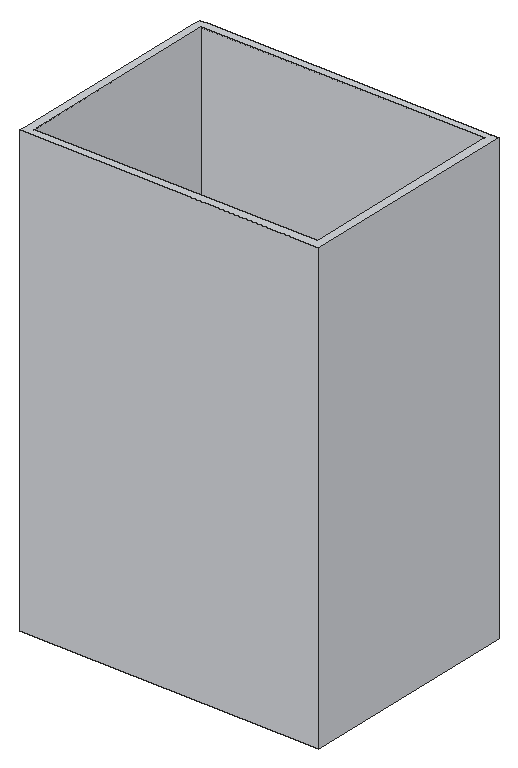
Revit family "Arent Room", category 一般モデル, Revit 2022
Family settings
  鉄筋をホスト可能 = いいえ
  丸型コネクタ寸法 = 直径を使用
  パーツ タイプ = 標準
  作業面ベース = いいえ
  常に垂直 = はい
  ロード時にボイドで切り取り = いいえ
  注釈の向きを維持 = いいえ
  共有 = いいえ
  部屋計算ポイント = いいえ
Parameters
  Width [instance] = 1500 mm
  Thickness [instance] = 50 mm
  Right Door Width [instance] = 1 mm
  Right Door Distance [instance] = 0 mm
  Lenght [instance] = 2000 mm
  Left Door Width [instance] = 1 mm
  Left Door Distance [instance] = 0 mm
  Height [instance] = 3000 mm
  Front Door Width [instance] = 1 mm
  Front Door Distance [instance] = 0 mm
  既定の高さ = 0 mm
  Back Door Width [instance] = 1 mm
  Back Door Distance [instance] = 0 mm
Reference planes
  plane 1 "Center (Front/Back)": y = 0
  plane 2: z = 0
  plane 3 "Center (Left/Right)": x = 0
  plane 4: y = 0
  plane 5: y = -1500
  plane 6: x = 0
  plane 7: x = 2000
  plane 8: z = 3000
  plane 9: y = -50
  plane 10: y = -1450
  plane 11: x = 50
  plane 12: x = 1950
  plane 13: y = 0
  plane 14: y = -1
  plane 15: y = 0
  plane 16: y = -1
  plane 17: x = 0
  plane 18: x = 1
  plane 19: x = 0
  plane 20: x = 1
Forms (mm)
  Extrusion 1, solid
    sketch origin (0, 0, 0) x (1, 0, 0) y (0, 1, 0)
      loop
        line (0, 0) -> (0, -1500) -> (2000, -1500) -> (2000, 0) -> (0, 0)
    from 0 to 3000
  Extrusion 2, void
    sketch origin (0, 0, 0) x (1, 0, 0) y (0, 1, 0)
      loop
        line (50, -50) -> (50, -1450) -> (1950, -1450) -> (1950, -50) -> (50, -50)
    from 0 to 3000
  Extrusion 3, void
    sketch origin (0, 0, 0) x (1, 0, 0) y (0, 1, 0)
      loop
        line (0, 0) -> (0, -1) -> (50, -1) -> (50, 0) -> (0, 0)
    from 0 to 3000
  Extrusion 4, void
    sketch origin (0, 0, 0) x (1, 0, 0) y (0, 1, 0)
      loop
        line (1950, 0) -> (1950, -1) -> (2000, -1) -> (2000, 0) -> (1950, 0)
    from 0 to 3000
  Extrusion 5, void
    sketch origin (0, 0, 0) x (1, 0, 0) y (0, 1, 0)
      loop
        line (0, -1450) -> (0, -1500) -> (1, -1500) -> (1, -1450) -> (0, -1450)
    from 0 to 3000
  Extrusion 6, void
    sketch origin (0, 0, 0) x (1, 0, 0) y (0, 1, 0)
      loop
        line (0, 0) -> (0, -50) -> (1, -50) -> (1, 0) -> (0, 0)
    from 0 to 3000
Cuts and joins
  Extrusion 2, Extrusion 3, Extrusion 4, Extrusion 5, Extrusion 6 cuts Extrusion 1
Dimensions and locks
  "Lenght": plane 6 to plane 7
  "Width": plane 4 to plane 5
  "Height": level to plane 8
  "Thickness": plane 4 to plane 9
  "Thickness": plane 10 to plane 5
  "Thickness": plane 6 to plane 11
  "Thickness": plane 12 to plane 7
  "Left Door Width": plane 13 to plane 14
  "Left Door Distance": plane 13 to plane 1 "Center (Front/Back)"
  "Right Door Width": plane 15 to plane 16
  "Front Door Width": plane 17 to plane 18
  "Front Door Distance": plane 6 to plane 17
  "Back Door Width": plane 19 to plane 20
  "Back Door Distance": plane 6 to plane 19
  "Right Door Distance": plane 4 to plane 15
  aligned and locked: level to plane 2
  aligned and locked: plane 8 to Extrusion 1
  aligned and locked: Extrusion 1 to Extrusion 2
  aligned and locked: Extrusion 1 to Extrusion 3
  aligned and locked: Extrusion 1 to Extrusion 4
  aligned and locked: Extrusion 1 to Extrusion 5
  aligned and locked: Extrusion 1 to Extrusion 6
Automatic sketch dimensions
  Extrusion 1 sketch curve to plane 3 "Center (Left/Right)" = 0 mm
  Extrusion 1 sketch curve to plane 5 = 0 mm
  Extrusion 1 sketch curve to plane 7 = 0 mm
  plane 1 "Center (Front/Back)" to Extrusion 1 sketch curve = 0 mm
  Extrusion 2 sketch curve to plane 10 = 0 mm
  Extrusion 2 sketch curve to plane 11 = 0 mm
  Extrusion 2 sketch curve to plane 12 = 0 mm
  Extrusion 2 sketch curve to plane 9 = 0 mm
  Extrusion 3 sketch curve to plane 3 "Center (Left/Right)" = 0 mm
  Extrusion 3 sketch curve to plane 11 = 0 mm
  Extrusion 3 sketch curve to plane 14 = 0 mm
  Extrusion 3 sketch curve to plane 13 = 0 mm
  Extrusion 4 sketch curve to plane 12 = 0 mm
  Extrusion 4 sketch curve to plane 7 = 0 mm
  Extrusion 4 sketch curve to plane 16 = 0 mm
  Extrusion 4 sketch curve to plane 15 = 0 mm
  Extrusion 5 sketch curve to plane 5 = 0 mm
  Extrusion 5 sketch curve to plane 17 = 0 mm
  Extrusion 5 sketch curve to plane 18 = 0 mm
  Extrusion 5 sketch curve to plane 10 = 0 mm
  Extrusion 6 sketch curve to plane 9 = 0 mm
  Extrusion 6 sketch curve to plane 19 = 0 mm
  Extrusion 6 sketch curve to plane 20 = 0 mm
  plane 1 "Center (Front/Back)" to Extrusion 6 sketch curve = 0 mm
